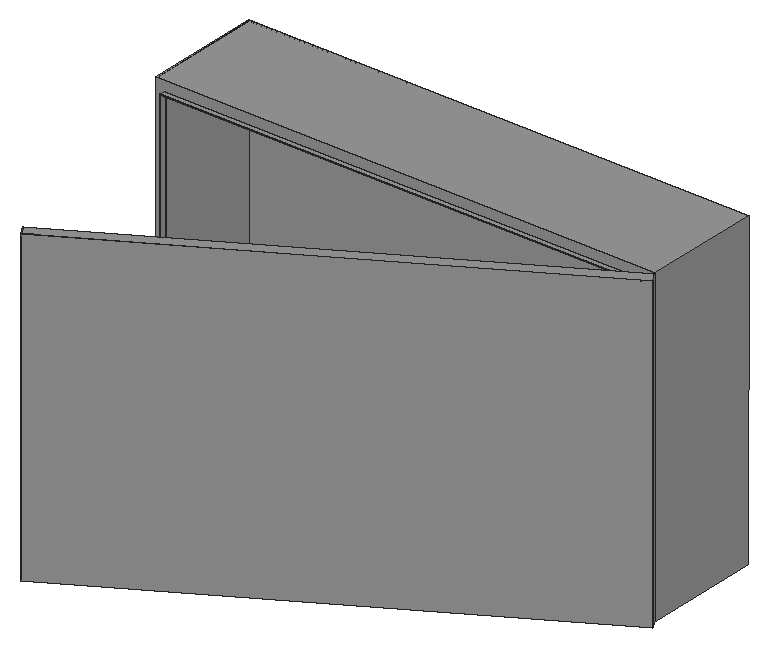
Revit family "Hager-Univers-IP44-D205-Cl.I-H500_Base-NoHosted-CH-fr", category Electrical Equipment, Revit 2020
Family settings
  Panel Configuration = Two Columns, Circuits Across
  Round Connector Dimension = Use Diameter
  Part Type = Panelboard
  Work Plane-Based = Yes
  Always vertical = Yes
  Cut with Voids When Loaded = No
  Shared = No
  Room Calculation Point = No
Parameters (values of type "saillie IP44 L800 H500 P205  - ZB013T")
  Width Control [instance] = if([EF000008 - largeur] > Min Width, [EF000008 - largeur], Min Width)  # 800 mm
  Type Comments = [HG000003 - Gamme]  # "Univers"
  Thickness Door [instance] = if([EF009171 - épaisseur de matériau de la porte/du couvercle] > 3 mm, 3 mm, [EF009171 - épaisseur de matériau de la porte/du couvercle])  # 1 mm
  Seal Frame Offset [instance] = 17 mm  # constant formula
  Plinth Visibility [instance] = [HG000027 - Hauteur du socle] > 0 mm  # no
  Min Width [instance] = 100 mm  # constant formula
  Min Depth [instance] = (2 * [EF009170 - épaisseur de matériau du boîtier]) + 1 mm  # 3 mm
  Min Height [instance] = 100 mm  # constant formula
  Internal Frame Depth [instance] = (Door System Depth * 0.5)  # 9 mm
  Panel Name [instance] = ""  # (empty or 0)
  Model = ""
  HG000027 - Hauteur du socle = 0 mm
  HG000026 - Installation au sol = no
  HG000024 - Hauteur de la section basse = 600 mm
  HG000023 - Armoire double section = no
  HG000016 - Visibilité de la porte 3D [instance] = yes
  HG000015 - Visibilité de l'emprise de la porte [instance] = no
  HG000014 - Porte à droite [instance] = yes
  HG000013 - Porte à gauche [instance] = not([HG000014 - Porte à droite])  # no
  HG000012 - Angle de pivotement de la porte [instance] = 30.00°
  HG000010 - Portes asymétriques = no
  HG000009 - Porte à double battant = no
  HG000006 - Encastré = no
  HG000004 - Référence fabricant = "ZB013T"
  HG000003 - Gamme = "Univers"
  HG000002 - avec porte = yes
  Frame Offset Bottom [instance] = 10 mm  # constant formula
  Frame Offset [instance] = 15 mm  # constant formula
  EF015940 - couvercle avec décharge de pression = no
  EF011959 - degré de protection (NEMA) = ""
  EF009554 - nombre d'ouvertures pour plaques à bride = 0
  EF009212 - finition du couvercle = "EV000116 - fermé"
  EF009171 - épaisseur de matériau de la porte/du couvercle = 1 mm
  EF009170 - épaisseur de matériau du boîtier = 1 mm
  EF008873 - courant nominal (In) = 250 A
  EF007800 - adapté à un parafoudre = no
  EF006306 - avec serrure = no
  EF006244 - couvercle/porte transparent(e) = no
  EF005474 - indice de protection (IP) = "EV006418 - IP44"
  EF004464 - type de porte = "EV003602 - double"
  EF004427 - nombre de modules = 0
  EF004293 - indice de protection contre les chocs (IK) = "EV006815 - IK09"
  EF003532 - convient pour utilisation à l’extérieur = no
  EF002950 - largeur en nombre de modules = 0
  EF001613 - maintien de fonction = "EV000494 - sans"
  EF001596 - matériau du boîtier/corps = "EV000179 - acier"
  EF001131 - profondeur intérieure = 0 mm
  EF001088 - possibilité de montage en saillie = yes
  EF000437 - nombre d'entrées de conduit = 0
  EF000339 - type de capot = "EV004216 - porte"
  EF000266 - nombre de rangées = 0
  EF000218 - profondeur d'encastrement = 0 mm
  EF000118 - avec cadre/support de montage = no
  EF000116 - numéro RAL = "9010"
  EF000049 - profondeur = 205 mm
  EF000040 - hauteur = 500 mm
  EF000008 - largeur = 800 mm
  EF000007 - couleur = "EV000202 - blanc"
  EF000003 - mode de pose = "EV000384 - saillie"
  Door System Leaf Tolerance [instance] = 1.5 mm  # constant formula
  Door System Depth [instance] = 18 mm  # constant formula
  Door Height [instance] = Height Control - [HG000027 - Hauteur du socle]  # 500 mm
  Description = ""
  Default Elevation = 1219.2 mm
  Connector Offset [instance] = Height Control / 2  # 250 mm
  Manufacturer = "Hager"  # constant formula
  Height Control [instance] = if([EF000040 - hauteur] > Min Height, [EF000040 - hauteur], Min Height)  # 500 mm
  Depth Control [instance] = if([EF000049 - profondeur] > Min Depth, [EF000049 - profondeur], Min Depth)  # 205 mm
  Bottom Top Plate Trim [instance] = 1.5 mm  # constant formula
  Plinth height Ctrl [instance] = if([HG000027 - Hauteur du socle] > 0 mm, [HG000027 - Hauteur du socle], 12 mm)  # 12 mm
Types (2, lengths in mm): name | Width Control | HG000004 - Référence fabricant | EF004464 - type de porte | EF000008 - largeur
  saillie IP44 L550 H500 P205  - ZB012T | 550 | "ZB012T" | "EV002646 - unique" | 550
  saillie IP44 L800 H500 P205  - ZB013T | 800 | "ZB013T" | "EV003602 - double" | 800
Reference planes
  plane 1 "Center (Front/Back)": y = 0
  plane 2: z = 0
  plane 3 "Center (Left/Right)": x = 0
  plane 4: y = 0
  plane 5: y = 0
  plane 6: z = 0
  plane 7: x = -400
  plane 8: x = 400
  plane 9: x = 399
  plane 10: x = -399
  plane 11: z = 0
  plane 12: z = 1
  plane 13: y = -205
  plane 14: y = -1
  plane 15: x = 0
  plane 16: y = -187
  plane 17: y = -204
  plane 18: y = -186
  plane 19: x = -384
  plane 20: x = 384
  plane 21: z = 11
  plane 22: x = -383
  plane 23: x = 383
  plane 24: z = 0
  plane 25: z = 500
  plane 26: z = 500
  plane 27: z = 484
  plane 28: z = 499
Forms (mm)
  Extrusion 1, solid, material "Hager_Steel_RAL7035_Light_Grey", detail levels medium+fine
    sketch origin (-208.679, -4572, 0) x (-1, 0, 0) y (0, -1, 0)
      loop
        line (191.321, -4385) -> (-608.679, -4385) -> (-608.679, -4572) -> (191.321, -4572) -> (191.321, -4385)
    from 0 to 500
  Extrusion 2, void
    sketch origin (-350.771, -205, 1219.2) x (1, 0, 0) y (0, 0, 1)
      loop
        line (-48.229, -720.2) -> (-48.229, -1218.2) -> (749.771, -1218.2) -> (749.771, -720.2) -> (-48.229, -720.2)
    from -19 to -204
  Extrusion 3, void
    sketch origin (-290.084, -187, 1219.2) x (1, 0, 0) y (0, 0, 1)
      loop
        line (-93.916, -1208.2) -> (674.084, -1208.2) -> (674.084, -735.2) -> (-93.916, -735.2) -> (-93.916, -1208.2)
    from 0 to -1
  Extrusion 4, solid, material "Hager_Steel_RAL7035_Light_Grey", visible <- "Plinth Visibility", detail levels medium+fine
    sketch origin (0, 0, 0) x (1, 0, 0) y (0, 1, 0)
      loop
        line (-400, 0) -> (-400, -187) -> (400, -187) -> (400, 0) -> (-400, 0)
    from 0 to 12 <- "Plinth height Ctrl"
  Extrusion 5, solid, material "Hager_Steel_RAL7035_Light_Grey", detail levels coarse
    sketch origin (0, 0, 0) x (1, 0, 0) y (0, 1, 0)
      loop
        line (-400, 0) -> (-400, -205) -> (400, -205) -> (400, 0) -> (-400, 0)
    from 0 to 500 <- "Height Control"
  Sweep 6, void
    path in 3D
      loop
        line (-400, -187, 12) -> (400, -187, 12) -> (400, 0, 12) -> (-400, 0, 12) -> (-400, -187, 12)
    profile origin (-400, -93.5, 12) x (1, 0, 0) y (0, 0, 1)
      loop
        line (0, 0) -> (0, -1.5) -> (1.5, -1.5)
        arc (1.5, -1.5) -> (1.061, -0.439) -> (0, 0) r 1.5
  Extrusion 7, solid, material "Hager_Steel_RAL7035_Light_Grey", detail levels fine
    sketch origin (-400, -187, 0) x (1, 0, 0) y (0, 0, 1)
      loop
        line (16, 11) -> (784, 11) -> (784, 484) -> (16, 484) -> (16, 11)
      loop
        line (15, 10) -> (785, 10) -> (785, 485) -> (15, 485) -> (15, 10)
    from 0 to 9 <- "Internal Frame Depth"
Cuts and joins
  Extrusion 2, Extrusion 3 cuts Extrusion 1
  Sweep 6 cuts Extrusion 4
Lines and regions (mm)
  Masking region 1
    outline origin (0, 0, 0) x (1, 0, 0) y (0, 1, 0)
      loop
        line (-400, 0) -> (-400, -205) -> (400, -205) -> (400, 0) -> (-400, 0)
  Masking region 2, detail levels coarse
    outline origin (-290.084, -187, 1219.2) x (-1, 0, 0) y (0, 0, 1)
      loop
        line (-690.084, -1219.2) -> (109.916, -1219.2) -> (109.916, -719.2) -> (-690.084, -719.2) -> (-690.084, -1219.2)
  Masking region 3, detail levels coarse
    outline origin (0, 0, 0) x (0, 1, 0) y (0, 0, 1)
      loop
        line (0, 0) -> (0, 500) -> (-205, 500) -> (-205, 0) -> (0, 0)
  Masking region 4, visible <- "Plinth Visibility", detail levels medium+fine
    outline origin (0, 0, 0) x (0, 1, 0) y (0, 0, 1)
      loop
        line (-1.5, 12) -> (-185.5, 12)
        arc (-185.5, 12) -> (-185.939, 10.939) -> (-187, 10.5) r 1.5
        line (-187, 10.5) -> (-187, 0) -> (0, 0) -> (0, 10.5)
        arc (0, 10.5) -> (-1.061, 10.939) -> (-1.5, 12) r 1.5
  Masking region 5, detail levels medium+fine
    outline origin (0, 0, 594.038) x (0, 1, 0) y (0, 0, 1)
      loop
        line (0, -594.038) -> (0, -94.038) -> (-187, -94.038) -> (-187, -594.038) -> (0, -594.038)
  Masking region 6, detail levels medium+fine
    outline origin (-359.7, -187, 1211.883) x (-1, 0, 0) y (0, 0, 1)
      loop
        line (-759.7, -1211.883) -> (40.3, -1211.883) -> (40.3, -711.883) -> (-759.7, -711.883) -> (-759.7, -1211.883)
  Masking region 7, visible <- "Plinth Visibility", detail levels medium+fine
    outline origin (-320.334, -187, 1041.368) x (-1, 0, 0) y (0, 0, 1)
      loop
        line (-720.334, -1041.368) -> (79.666, -1041.368) -> (79.666, -1030.868)
        arc (79.666, -1030.868) -> (78.606, -1030.429) -> (78.166, -1029.368) r 1.5
        line (78.166, -1029.368) -> (-718.834, -1029.368)
        arc (-718.834, -1029.368) -> (-719.273, -1030.429) -> (-720.334, -1030.868) r 1.5
        line (-720.334, -1030.868) -> (-720.334, -1041.368)
  sketch lines
    curve 1: line (-400, 0, 12) -> (-400, -187, 12)
    curve 2: line (-400, -187, 12) -> (400, -187, 12)
    curve 3: line (400, 0, 12) -> (-400, 0, 12)
    curve 4: line (400, -187, 12) -> (400, 0, 12)
Dimensions and locks
  locked: plane 1 "Center (Front/Back)" to plane 5
  "EF009170 - épaisseur de matériau du boîtier": plane 7 to plane 10
  "EF009170 - épaisseur de matériau du boîtier": plane 8 to plane 9
  equal spacing: plane 7, plane 3 "Center (Left/Right)", plane 8
  "Width Control": plane 7 to plane 8
  "Depth Control": plane 4 to plane 13
  "EF009170 - épaisseur de matériau du boîtier": plane 4 to plane 14
  "Height Control": plane 25 to level
  "HG000027 - Hauteur du socle": plane 11 to level
  "EF009170 - épaisseur de matériau du boîtier": plane 12 to plane 11
  "EF009170 - épaisseur de matériau du boîtier": plane 17 to plane 13
  "EF009170 - épaisseur de matériau du boîtier": plane 18 to plane 16
  "Frame Offset Bottom": plane 21 to plane 12
  "Frame Offset": plane 10 to plane 19
  "Frame Offset": plane 9 to plane 20
  "Door System Depth": plane 16 to plane 13
  "Seal Frame Offset": plane 7 to plane 22
  "Seal Frame Offset": plane 8 to plane 23
  "EF009170 - épaisseur de matériau du boîtier": plane 26 to plane 28
  "Frame Offset": plane 28 to plane 27
  "Connector Offset": plane 2 to connector elem
  "Bottom Top Plate Trim": profile plane to Sweep 6 sketch curve
  "Bottom Top Plate Trim": Sweep 6 sketch curve to Sweep 6 sketch curve
  "Plinth height Ctrl": Masking region 4 sketch curve to level
  "Plinth height Ctrl": Masking region 7 sketch curve to level
  "Thickness Door": Extrusion 7 sketch curve to Extrusion 7 sketch curve  (x4)
  "Bottom Top Plate Trim": radius of Sweep 6 sketch curve
  "Bottom Top Plate Trim": radius of Masking region 4 sketch curve  (x2)
  "Bottom Top Plate Trim": radius of Masking region 7 sketch curve  (x2)
  aligned and locked: Extrusion 2 sketch curve to plane 12
  aligned and locked: Extrusion 2 sketch curve to plane 9
  aligned and locked: Extrusion 2 sketch curve to plane 10
  aligned and locked: Extrusion 2 to plane 14
  aligned and locked: Extrusion 1 sketch curve to plane 4
  aligned and locked: plane 8 to Extrusion 1 sketch curve
  aligned and locked: plane 7 to Extrusion 1 sketch curve
  aligned and locked: Extrusion 2 to plane 18
  aligned and locked: plane 19 to Extrusion 3 sketch curve
  aligned and locked: plane 20 to Extrusion 3 sketch curve
  aligned and locked: Extrusion 3 to Extrusion 2
  aligned and locked: Extrusion 3 sketch curve to plane 21
  aligned and locked: plane 3 "Center (Left/Right)" to nested 1
  aligned and locked: Extrusion 1 sketch curve to plane 16
  aligned and locked: Extrusion 4 sketch curve to cut or joined group of Extrusion 1, Extrusion 2, Extrusion 3
  aligned and locked: Masking region 1 sketch curve to plane 7
  aligned and locked: Masking region 1 sketch curve to plane 5
  aligned and locked: Masking region 1 sketch curve to plane 8
  aligned and locked: Masking region 2 sketch curve to level
  aligned and locked: level to Masking region 3 sketch curve
  aligned and locked: plane 1 "Center (Front/Back)" to Masking region 3 sketch curve
  aligned and locked: plane 13 to Masking region 3 sketch curve
  aligned and locked: plane 5 to Masking region 4 sketch curve
  aligned and locked: Masking region 2 sketch curve to plane 8
  aligned and locked: Masking region 2 sketch curve to plane 7
  aligned and locked: plane 7 to nested 2
  aligned and locked: nested 2 to plane 5
  aligned and locked: plane 5 to Masking region 5 sketch curve
  aligned and locked: plane 26 to Masking region 5 sketch curve
  aligned and locked: Extrusion 5 sketch curve to plane 8
  aligned and locked: Extrusion 5 sketch curve to plane 7
  aligned and locked: Extrusion 5 sketch curve to plane 5
  aligned and locked: Extrusion 3 sketch curve to plane 27
  aligned and locked: Extrusion 2 sketch curve to plane 28
  aligned and locked: Masking region 2 to plane 25
  aligned and locked: Extrusion 4 to plane 16
  aligned and locked: profile plane to Sweep 6 sketch curve
  aligned and locked: Masking region 5 sketch curve to plane 24
  aligned and locked: level to Masking region 4 sketch curve
  aligned and locked: Masking region 1 to plane 13
  aligned and locked: nested 1 to plane 16
  aligned and locked: Masking region 3 to plane 25
  aligned and locked: plane 16 to Masking region 4 sketch curve
  aligned and locked: Masking region 5 sketch curve to plane 16
  aligned and locked: plane 24 to plane 11
  aligned and locked: plane 26 to plane 25
  aligned and locked: plane 26 to cut or joined group of Extrusion 1, Extrusion 2, Extrusion 3
  aligned and locked: nested 1 to plane 24
  aligned and locked: Extrusion 1 to Extrusion 3
  aligned and locked: Masking region 6 sketch curve to plane 8
  aligned and locked: Masking region 6 sketch curve to plane 24
  aligned and locked: Masking region 6 sketch curve to plane 7
  aligned and locked: Masking region 6 sketch curve to plane 26
  aligned and locked: Masking region 7 sketch curve to plane 7
  aligned and locked: level to Masking region 7 sketch curve
  aligned and locked: Masking region 7 sketch curve to plane 8
  aligned and locked: Extrusion 7 sketch curve to cut or joined group of Extrusion 1, Extrusion 2, Extrusion 3  (x4)
Automatic sketch dimensions
  plane 19 to Extrusion 3 sketch curve = 0 mm
  Extrusion 3 sketch curve to plane 20 = 0 mm
  Extrusion 3 sketch curve to plane 21 = 0 mm
  Extrusion 4 sketch curve to plane 7 = 0 mm
  Extrusion 4 sketch curve to plane 8 = 0 mm
  Extrusion 4 sketch curve to plane 16 = 0 mm
  Masking region 1 sketch curve to plane 13 = 0 mm
  Masking region 2 sketch curve to plane 25 = 0 mm
  Masking region 3 sketch curve to plane 25 = 0 mm
  Extrusion 5 sketch curve to plane 13 = 0 mm
  profile plane to Sweep 6 sketch curve = 0 mm
Nested families
  nested 1: "EC000058_Univers_Door" at (0, -187, 0), Double <- "HG000009 - Porte à double battant", Transparent <- "EF006244 - couvercle/porte transparent(e)", Angle <- "HG000012 - Angle de pivotement de la porte", Door_Right <- "HG000014 - Porte à droite", Assymetrical <- "HG000010 - Portes asymétriques", Door <- "HG000002 - avec porte", Width_Ctrl <- "Width Control", 3d_Door <- "HG000016 - Visibilité de la porte 3D", Clearance <- "HG000015 - Visibilité de l'emprise de la porte", Door_Left <- "HG000013 - Porte à gauche", Width <- "Width Control", Door_Depth <- "Door System Depth", Leaf_Tolerance <- "Door System Leaf Tolerance", Height <- "Door Height", Lock_Visibility <- "EF006306 - avec serrure", Thickness <- "Thickness Door", type "EC000058_Univers_Door", detail levels medium+fine
    with min_wh 3 mm, Width_Ctrl 800 mm, Width 800 mm, Transparent no, Thickness 1 mm, Seal_Material Hager_Rubber, Lock_Visibility no, Lock_Material Hager_Plastic_RAL9005_Jet_Black, Leaf_Width 800 mm, Leaf_Tolerance_External_Sides 0 mm, Leaf_Tolerance 1.5 mm, Leaf_Offset 0 mm, Leaf_Height 497 mm, Leaf_2_Width 800 mm, Leaf_2_Offset 400 mm, Leaf_1_Width 800 mm, Leaf_1_Offset 400 mm, Height_Ctrl 500 mm, Height 500 mm, Glass_Material Hager_Glass, Double_Clearance_Ctrl no, Double no, Door_Right_Ctrl yes, Door_Right yes, Door_Material Hager_Steel_RAL7035_Light_Grey, Door_Left_Ctrl no, Door_Left no, Door_Depth 18 mm, Door yes, Clearance_Material Hager_Clearance, Clearance_Depth 800 mm, Clearance_Ctrl no, Clearance no, Assymetrical no, Angle 30.00°, 3d_Door yes
  nested 2: "Hager_Enclosure_Symbol" at (-400, 0, 0), Height <- "Depth Control", Width <- "Width Control", type "Hager_Enclosure_Symbol"
    with Width_Ctrl 800 mm, Width 800 mm, Height_Ctrl 205 mm, Height 205 mm, A_Width_Int 13.453 mm, A_Width 161.438 mm, A_Height_Ctrl 179.375 mm, A_Height 179.375 mm
Connectors
  electrical at (0, 0, 250)
    settings: on plane 1 "Center (Front/Back)", index 1, voltage 0 V, apparent load 0 VA, apparent load phase1 0 VA, apparent load phase2 0 VA, apparent load phase3 0 VA, power factor 1, load classification "Other", number of poles 1, system type 30, power factor state 1, is connector primary yes, connector utility no, sub classification motor no, connector description ""
Definition of nested family "EC000058_Univers_Door"
  Parameters (values of type "EC000058_Univers_Door")
    min_wh [instance] = (2 * Thickness) + 1 mm  # 11 mm
    Width_Ctrl [instance] = 400 mm
    Width [instance] = 500 mm
    Transparent [instance] = yes
    Thickness [instance] = 5 mm
    Seal_Material [instance] = none
    Lock_Visibility [instance] = yes
    Lock_Material [instance] = none
    Leaf_Width [instance] = if((Width_Ctrl - 2 * Leaf_Tolerance_External_Sides) > 0 mm, (Width_Ctrl - 2 * Leaf_Tolerance_External_Sides), min_wh)  # 400 mm
    Leaf_Tolerance_External_Sides [instance] = 0 mm  # constant formula
    Leaf_Tolerance [instance] = 1.5 mm
    Leaf_Offset [instance] = 0 mm  # constant formula
    Leaf_Height [instance] = if((Height_Ctrl - 2 * Leaf_Tolerance) > 0 mm, (Height_Ctrl - 2 * Leaf_Tolerance), min_wh)  # 497 mm
    Leaf_2_Width [instance] = if(and(and(Double, Assymetrical), Door_Left), (Leaf_Width / 3) - (Leaf_Tolerance / 2), if(and(and(Double, Assymetrical), Door_Right), (Leaf_Width / 3) * 2 - (Leaf_Tolerance / 2), if(and(Double, not(Assymetrical)), (Leaf_Width / 2) - Leaf_Tolerance, Leaf_Width)))  # 400 mm
    Leaf_2_Offset [instance] = if(and(Double, Assymetrical), Leaf_2_Width / 2, if(and(Double, not(Assymetrical)), Leaf_Width / 4, Leaf_Width / 2))  # 200 mm
    Leaf_1_Width [instance] = if(and(and(Double, Assymetrical), Door_Right), (Leaf_Width / 3) - (Leaf_Tolerance / 2), if(and(and(Double, Assymetrical), Door_Left), (Width / 3) * 2 - (Leaf_Tolerance / 2), if(and(Double, not(Assymetrical)), (Leaf_Width / 2) - Leaf_Tolerance, Leaf_Width)))  # 400 mm
    Leaf_1_Offset [instance] = if(and(Double, Assymetrical), Leaf_1_Width / 2, if(and(Double, not(Assymetrical)), Leaf_Width / 4, Leaf_Width / 2))  # 200 mm
    Height_Ctrl [instance] = if(Height > min_wh, Height, min_wh)  # 500 mm
    Height [instance] = 500 mm
    Glass_Material [instance] = none
    Double_Clearance_Ctrl [instance] = and(Double, Clearance)  # no
    Double [instance] = no
    Door_Right_Ctrl [instance] = and(or(Door_Right, Double), Door)  # yes
    Door_Right [instance] = yes
    Door_Material [instance] = none
    Door_Left_Ctrl [instance] = and(or(Door_Left, Double), Door)  # no
    Door_Left [instance] = no
    Door_Depth [instance] = 30 mm
    Door [instance] = yes
    Default Elevation = 1219.2 mm
    Clearance_Material [instance] = none
    Clearance_Depth [instance] = if(Leaf_1_Width > Leaf_2_Width, Leaf_1_Width, Leaf_2_Width)  # 400 mm
    Clearance_Ctrl [instance] = and(not(Double), Clearance)  # yes
    Clearance [instance] = yes
    Assymetrical [instance] = yes
    Angle [instance] = 30.00°
    3d_Door [instance] = yes
  Reference planes
    plane 1 "Center (Front/Back)": y = 0
    plane 2 "Bottom": z = 0
    plane 3 "Center (Left/Right)": x = 0
    plane 4: z = 500
    plane 5: x = -200
    plane 6: x = 200
    plane 7: z = 500
    plane 8: x = -200
    plane 9: z = 0
    plane 10: x = 200
    plane 11: y = 0
    plane 12: z = 1.5
    plane 13: x = -600
    plane 14: y = -400
    plane 15: x = 600
    plane 16: x = 0
    plane 17: x = 0
    plane 18: x = -200
    plane 19: x = 200
    plane 20: z = 498.5
  Forms (mm)
    Extrusion 1, solid, material <- "Clearance_Material", visible <- "Double_Clearance_Ctrl"
      sketch origin (1200, 0, 0) x (1, 0, 0) y (0, 0, -1)
        loop
          line (-1800, -498.5) -> (-600, -498.5) -> (-600, 0) -> (-1800, 0) -> (-1800, -498.5)
      from 0 to -400
  Dimensions and locks
    equal spacing: plane 5, plane 3 "Center (Left/Right)", plane 6
    "Width_Ctrl": plane 5 to plane 6
    "Leaf_Offset": plane 5 to plane 8
    "Leaf_Offset": plane 6 to plane 10
    "Leaf_Offset": plane 9 to level
    "Leaf_Offset": plane 4 to plane 7
    "Height_Ctrl": plane 4 to level
    "Leaf_Tolerance": plane 12 to plane 9
    locked: plane 11 to plane 1 "Center (Front/Back)"
    "Leaf_1_Offset": plane 18 to plane 16
    "Leaf_2_Offset": plane 17 to plane 19
    "Leaf_1_Width": plane 13 to plane 8
    "Leaf_2_Width": plane 10 to plane 15
    "Clearance_Depth": plane 14 to plane 1 "Center (Front/Back)"
    "Leaf_Tolerance_External_Sides": plane 8 to plane 18
    "Leaf_Tolerance_External_Sides": plane 19 to plane 10
    "Leaf_Tolerance": plane 7 to plane 20
    aligned and locked: level to plane 2 "Bottom"
    aligned and locked: nested 1 to plane 16
    aligned and locked: nested 2 to plane 17
    aligned and locked: Extrusion 1 to plane 13
    aligned and locked: plane 15 to Extrusion 1
    aligned and locked: Extrusion 1 to plane 14
    aligned and locked: plane 12 to nested 1
    aligned and locked: nested 2 to plane 12
    aligned and locked: Extrusion 1 to plane 11
    aligned and locked: plane 20 to Extrusion 1
    aligned and locked: nested 2 to plane 11
    aligned and locked: nested 1 to plane 11
  Automatic sketch dimensions
    Extrusion 1 sketch curve to level = 0 mm
    plane 5 to Extrusion 1 sketch curve = 400 mm
    plane 6 to Extrusion 1 sketch curve = 400 mm
    Extrusion 1 sketch curve to plane 4 = 1.5 mm
  Nested families
    nested 1: "EC000058_Univers_Door_Leaf" at (0, 0, 1.5), Width <- "Leaf_1_Width", visible <- "Door_Left_Ctrl", Leaf_Height <- "Leaf_Height", Angle <- "Angle", 3d_Door <- "3d_Door", Transparent <- "Transparent", Clearance Material <- "Clearance_Material", Clearance <- "Clearance_Ctrl", Door_Material <- "Door_Material", Glass_Material <- "Glass_Material", Door_Depth <- "Door_Depth", Lock_Material <- "Lock_Material", Seal_Material <- "Seal_Material", Lock_Visibility <- "Lock_Visibility", Thickness <- "Thickness", type "EC000058_Univers_Door_Leaf"
      with Width 400 mm, Transparent_Glass_Offset 30 mm, Transparent_Ctrl yes, Transparent yes, Thickness 5 mm, Standard no, Seal_Material none, Seal_D2 8 mm, Seal_D1 1 mm, Offset_Internal_Frame 10 mm, Lock_Width 20 mm, Lock_Visibility_3d yes, Lock_Visibility yes, Lock_Thickness_3 3 mm, Lock_Thickness_2 1 mm, Lock_Thickness_1 3 mm, Lock_Radius_Offset_2 16 mm, Lock_Radius_Offset_1 15 mm, Lock_Radius_2 5 mm, Lock_Radius 6 mm, Lock_Offset 5 mm, Lock_Material none, Lock_Height 80 mm, Lock_Cover_Top_Offset_2d 17 mm, Lock_Cover_Height -65 mm, Leaf_Height 497 mm, Internal_Seal_Thickness 8 mm, Internal_Seal_Depth_2 4.5 mm, Internal_Frame_Depth 25 mm, Glass_Thickness -1 mm, Glass_Offset -2 mm, Glass_Material none, Door_Material none, Door_Depth 30 mm, Clearance Material none, Clearance yes, Angle_Ctrl 30.00°, Angle 30.00°, 3d_Door yes
    nested 2: "EC000058_Univers_Door_Leaf" at (0, 0, 1.5) x (-1, 0, 0) z (0, 0, 1), Width <- "Leaf_2_Width", visible <- "Door_Right_Ctrl", Leaf_Height <- "Leaf_Height", Angle <- "Angle", 3d_Door <- "3d_Door", Transparent <- "Transparent", Clearance Material <- "Clearance_Material", Clearance <- "Clearance_Ctrl", Door_Material <- "Door_Material", Glass_Material <- "Glass_Material", Door_Depth <- "Door_Depth", Lock_Material <- "Lock_Material", Seal_Material <- "Seal_Material", Lock_Visibility <- "Lock_Visibility", Thickness <- "Thickness", type "EC000058_Univers_Door_Leaf"
      with Width 400 mm, Transparent_Glass_Offset 30 mm, Transparent_Ctrl yes, Transparent yes, Thickness 5 mm, Standard no, Seal_Material none, Seal_D2 8 mm, Seal_D1 1 mm, Offset_Internal_Frame 10 mm, Lock_Width 20 mm, Lock_Visibility_3d yes, Lock_Visibility yes, Lock_Thickness_3 3 mm, Lock_Thickness_2 1 mm, Lock_Thickness_1 3 mm, Lock_Radius_Offset_2 16 mm, Lock_Radius_Offset_1 15 mm, Lock_Radius_2 5 mm, Lock_Radius 6 mm, Lock_Offset 5 mm, Lock_Material none, Lock_Height 80 mm, Lock_Cover_Top_Offset_2d 17 mm, Lock_Cover_Height -65 mm, Leaf_Height 497 mm, Internal_Seal_Thickness 8 mm, Internal_Seal_Depth_2 4.5 mm, Internal_Frame_Depth 25 mm, Glass_Thickness -1 mm, Glass_Offset -2 mm, Glass_Material none, Door_Material none, Door_Depth 30 mm, Clearance Material none, Clearance yes, Angle_Ctrl 30.00°, Angle 30.00°, 3d_Door yes
  Definition of nested family "EC000058_Univers_Door_Leaf"
    Parameters (values of type "EC000058_Univers_Door_Leaf")
      Width [instance] = 2000 mm
      Transparent_Glass_Offset [instance] = 30 mm
      Transparent_Ctrl [instance] = and(Transparent, [3d_Door])  # yes
      Transparent [instance] = yes
      Thickness [instance] = 5 mm
      Standard [instance] = and(not(Transparent), [3d_Door])  # no
      Seal_Material [instance] = none
      Seal_D2 [instance] = 8 mm  # constant formula
      Seal_D1 [instance] = 1 mm  # constant formula
      Offset_Internal_Frame [instance] = 10 mm  # constant formula
      Lock_Width [instance] = 20 mm  # constant formula
      Lock_Visibility_3d [instance] = and(Lock_Visibility, [3d_Door])  # yes
      Lock_Visibility [instance] = yes
      Lock_Thickness_3 [instance] = 3 mm  # constant formula
      Lock_Thickness_2 [instance] = 1 mm  # constant formula
      Lock_Thickness_1 [instance] = 3 mm  # constant formula
      Lock_Radius_Offset_2 [instance] = Lock_Radius_Offset_1 + 1 mm  # 16 mm
      Lock_Radius_Offset_1 [instance] = 15 mm  # constant formula
      Lock_Radius_2 [instance] = Lock_Radius - 1 mm  # 5 mm
      Lock_Radius [instance] = 6 mm  # constant formula
      Lock_Offset [instance] = 5 mm  # constant formula
      Lock_Material [instance] = none
      Lock_Height [instance] = 80 mm  # constant formula
      Lock_Cover_Top_Offset_2d [instance] = Lock_Radius_Offset_2 + 1 mm  # 17 mm
      Lock_Cover_Height [instance] = -(Lock_Height - Lock_Radius_Offset_1)  # -65 mm
      Leaf_Height [instance] = 2720.336 mm
      Internal_Seal_Thickness [instance] = 8 mm  # constant formula
      Internal_Seal_Depth_2 [instance] = 4.5 mm  # constant formula
      Internal_Frame_Depth [instance] = if(Door_Depth - Thickness > 5 mm, Door_Depth - Thickness, 5 mm)  # 25 mm
      Glass_Thickness [instance] = if(Thickness > 15 mm, Glass_Offset + 10 mm, -1 mm)  # -1 mm
      Glass_Offset [instance] = if(Thickness > 15 mm, -(Thickness + 10 mm) / 2, -2 mm)  # -2 mm
      Glass_Material [instance] = none
      Door_Material [instance] = none
      Door_Depth [instance] = 30 mm
      Default Elevation = 0 mm
      Clearance Material [instance] = none
      Clearance [instance] = yes
      Angle_Ctrl [instance] = if(Angle > 180.00°, 180.00°, Angle)  # 90.00°
      Angle [instance] = 90.00°
      3d_Door [instance] = yes
    Reference planes
      plane 1 "Center (Front/Back)": y = 0
      plane 2: z = 0
      plane 3 "Center (Left/Right)": x = 0
      plane 4: y = 2000
      plane 5: x = -1000
      plane 6: x = 1000
      plane 7: x = -3000
      plane 8: z = 2720.336
      plane 9: z = 30
      plane 10: z = 2690.336
      plane 11: x = 970
      plane 12: x = -970
      plane 13: y = -3
      plane 14: z = 107.833
      plane 15: y = -5
      plane 16: y = -223.314
      plane 17: x = -1000
      plane 18: z = 1360.168
      plane 19: y = 30
    Forms (mm)
      Extrusion 1, solid, material <- "Clearance Material", visible <- "Clearance"
        sketch origin (0, 0, 0) x (1, 0, 0) y (0, 0, 1)
          loop
            line (-3000, 2720.336) -> (-3000, 0) -> (1000, 0) -> (1000, 2720.336) -> (-3000, 2720.336)
        from 0 to -2000
      Extrusion 2, solid, material <- "Door_Material", visible <- "Standard", detail levels medium+fine
        sketch origin (-1000, 0, 0) x (0, 1, 0) y (-1, 0, 0)
          loop
            line (0, 30) -> (0, 25) -> (2000, 25) -> (2000, 30) -> (0, 30)
        from 0 to 2720.336 <- "Leaf_Height"
      Extrusion 3, solid, material <- "Door_Material", visible <- "Transparent_Ctrl", detail levels medium+fine
        sketch origin (-1000, 0, 0) x (0, 1, 0) y (-1, 0, 0)
          loop
            line (0, 25) -> (2000, 25) -> (2000, 30) -> (0, 30) -> (0, 25)
        from 0 to 2720.336 <- "Leaf_Height"
      Extrusion 4, void
        sketch origin (-1025, 2000, 0) x (0, 1, 0) y (0, 0, -1)
          loop
            line (-30, -2690.336) -> (-30, -30) -> (-1970, -30) -> (-1970, -2690.336) -> (-30, -2690.336)
        from 0 to 5 <- "Thickness"
      Sweep 5, solid, material <- "Seal_Material", visible <- "Transparent_Ctrl", detail levels fine
        path in 3D
          loop
            line (-1025, 30, 30) -> (-1025, 30, 2690.336) -> (-1025, 1970, 2690.336) -> (-1025, 1970, 30) -> (-1025, 30, 30)
        profile origin (-1025, 1000, 30) x (1, 0, 0) y (0, 0, 1)
          loop
            line (0, 0) -> (0, -8) -> (1, -8) -> (1, 0) -> (0, 0)
      Extrusion 6, solid, material <- "Glass_Material", visible <- "Transparent_Ctrl", detail levels medium+fine
        sketch origin (-1030, 0, 0) x (0, 1, 0) y (0, 0, -1)
          loop
            line (1970, -2690.336) -> (1970, -30) -> (30, -30) -> (30, -2690.336) -> (1970, -2690.336)
        from -2 <- "Glass_Offset" to -1 <- "Glass_Thickness"
      Extrusion 7, solid, material <- "Door_Material", visible <- "3d_Door", detail levels medium+fine
        sketch origin (-1025, 2000, 0) x (0, -1, 0) y (0, 0, -1)
          loop
            line (0, -2720.336) -> (2000, -2720.336) -> (2000, 0) -> (0, 0) -> (0, -2720.336)
          loop
            line (1995, -5) -> (5, -5) -> (5, -2715.336) -> (1995, -2715.336) -> (1995, -5)
        from 0 to 25 <- "Internal_Frame_Depth"
      Sweep 8, solid, material <- "Seal_Material", visible <- "Transparent_Ctrl", detail levels fine
        path in 3D
          loop
            line (-1025, 0, 0) -> (-1025, 2000, 0) -> (-1025, 2000, 2720.336) -> (-1025, 0, 2720.336) -> (-1025, 0, 0)
        profile origin (-1025, 0, 1360.168) x (1, 0, 0) y (0, 1, 0)
          loop
            line (0, 10) -> (2.975, 10)
            arc (2.975, 10) -> (4.053, 10.447) -> (4.5, 11.525) r 1.525
            line (4.5, 11.525) -> (4.5, 16.527)
            arc (4.5, 16.527) -> (4.069, 17.569) -> (3.027, 18) r 1.473
            line (3.027, 18) -> (0, 18) -> (0, 10)
      Extrusion 9, solid, material <- "Lock_Material", visible <- "Lock_Visibility_3d", detail levels fine
        sketch origin (-1030, 0, 0) x (0, 1, 0) y (0, 0, -1)
          loop
            arc (1993.5, -1400.168) -> (1994.561, -1399.729) -> (1995, -1398.668) r 1.5
            line (1995, -1398.668) -> (1995, -1320.168) -> (1975, -1320.168) -> (1975, -1398.668)
            arc (1975, -1398.668) -> (1975.439, -1399.729) -> (1976.5, -1400.168) r 1.5
            line (1976.5, -1400.168) -> (1993.5, -1400.168)
        from 3 <- "Lock_Thickness_1" to 0
      Blend 10, solid, material <- "Lock_Material", visible <- "Lock_Visibility_3d", detail levels fine
        base sketch origin (-1033, 0, 0) x (0, 1, 0) y (0, 0, -1)
          loop
            line (1975, -1320.168) -> (1975, -1398.668)
            arc (1975, -1398.668) -> (1975.439, -1399.729) -> (1976.5, -1400.168) r 1.5
            line (1976.5, -1400.168) -> (1993.5, -1400.168)
            arc (1993.5, -1400.168) -> (1994.561, -1399.729) -> (1995, -1398.668) r 1.5
            line (1995, -1398.668) -> (1995, -1320.168) -> (1975, -1320.168)
        top sketch origin (-1033, 0, 0) x (0, 1, 0) y (0, 0, -1)
          loop
            line (1976, -1320.168) -> (1976, -1398.668)
            arc (1976, -1398.668) -> (1976.146, -1399.022) -> (1976.5, -1399.168) r 0.5
            line (1976.5, -1399.168) -> (1993.5, -1399.168)
            arc (1993.5, -1399.168) -> (1993.854, -1399.022) -> (1994, -1398.668) r 0.5
            line (1994, -1398.668) -> (1994, -1320.168) -> (1976, -1320.168)
        from 0 to 1 <- "Lock_Thickness_2"
      Blend 11, solid, material <- "Lock_Material", visible <- "Lock_Visibility_3d", detail levels fine
        base sketch origin (-1034, 0, 0) x (0, 1, 0) y (0, 0, -1)
          loop
            line (1978, -1320.168) -> (1978, -1384.168)
            arc (1978, -1384.168) -> (1985, -1391.168) -> (1992, -1384.168) r 7
            line (1992, -1384.168) -> (1992, -1320.168) -> (1978, -1320.168)
        top sketch origin (-1034, 0, 0) x (0, 1, 0) y (0, 0, -1)
          loop
            line (1991, -1320.168) -> (1979, -1320.168) -> (1979, -1383.168)
            arc (1979, -1383.168) -> (1985, -1389.168) -> (1991, -1383.168) r 6
            line (1991, -1383.168) -> (1991, -1320.168)
        from 0 to 3 <- "Lock_Thickness_3"
      Extrusion 12, solid, material <- "Lock_Material", visible <- "Lock_Visibility_3d", detail levels fine
        sketch origin (-1030, 1975, 1320.168) x (1, 0, 0) y (0, -1, 0)
          loop
            line (-7, -19) -> (-7, -1) -> (0, -1) -> (0, 0) -> (-8, 0) -> (-8, -20) -> (0, -20) -> (0, -19) -> (-7, -19)
        from 0 to -65 <- "Lock_Cover_Height"
      Extrusion 13, void
        sketch origin (-1038, 1995, 1320.168) x (-1, 0, 0) y (0, 0, -1)
          loop
            line (-5, -65) -> (0, -65) -> (-5, -60) -> (-5, -65)
        from 0 to 20 <- "Lock_Width"
      Extrusion 14, void
        sketch origin (-1038, 1975, 1320.168) x (0, -1, 0) y (0, 0, -1)
          loop
            circle (-10, -15.995) r 6
          loop
            circle (-10, -15.995) r 5
        from 0 to 2
      Extrusion 15, solid, material <- "Lock_Material", visible <- "Lock_Visibility_3d", detail levels medium
        sketch origin (-1030, 0, 0) x (0, 1, 0) y (0, 0, -1)
          loop
            arc (1993.5, -1400.168) -> (1994.561, -1399.729) -> (1995, -1398.668) r 1.5
            line (1995, -1398.668) -> (1995, -1320.168) -> (1975, -1320.168) -> (1975, -1398.668)
            arc (1975, -1398.668) -> (1975.439, -1399.729) -> (1976.5, -1400.168) r 1.5
            line (1976.5, -1400.168) -> (1993.5, -1400.168)
        from 8 to 0
    Cuts and joins
      Extrusion 4 cuts Extrusion 3
      Extrusion 13, Extrusion 14 cuts Extrusion 9
      Extrusion 14 cuts Blend 11
      Extrusion 13, Extrusion 14 cuts Extrusion 12
      joined: Extrusion 9, Blend 10, Blend 11, Extrusion 12
      Extrusion 14 cuts Extrusion 15
    Lines and regions (mm)
      Masking region 1, visible <- "Lock_Visibility", detail levels fine
        outline origin (0, 0, 0) x (0, 1, 0) y (0, 0, 1)
          loop
            line (30, 1320.168) -> (33, 1320.168) -> (33, 1400.168) -> (30, 1400.168) -> (30, 1320.168)
      Masking region 2, visible <- "Lock_Visibility", detail levels fine
        outline origin (0, 3.143, 0) x (0, 1, 0) y (0, 0, 1)
          loop
            line (29.857, 1354.168) -> (30.857, 1354.168) -> (30.857, 1366.168) -> (29.857, 1366.168) -> (29.857, 1354.168)
      Masking region 3, detail levels medium+fine
        outline origin (0, 0, 0) x (0, 1, 0) y (0, 0, 1)
          loop
            line (0, 0) -> (30, 0) -> (30, 2720.336) -> (0, 2720.336) -> (0, 0)
      Masking region 4, detail levels medium+fine
        outline origin (0, 0, 0) x (1, 0, 0) y (0, 0, 1)
          loop
            line (-1000, 2720.336) -> (-1000, 0) -> (1000, 0) -> (1000, 2720.336) -> (-1000, 2720.336)
      Masking region 5, visible <- "Lock_Visibility", detail levels fine
        outline origin (-47.116, 0, 0) x (1, 0, 0) y (0, 0, 1)
          loop
            arc (1024.616, 1399.168) -> (1023.556, 1398.729) -> (1023.116, 1397.668) r 1.5
            line (1023.116, 1397.668) -> (1023.116, 1320.168) -> (1041.116, 1320.168) -> (1041.116, 1397.668)
            arc (1041.116, 1397.668) -> (1040.677, 1398.729) -> (1039.616, 1399.168) r 1.5
            line (1039.616, 1399.168) -> (1024.616, 1399.168)
      Masking region 6, visible <- "Lock_Visibility", detail levels medium+fine
        outline origin (-25, 0, 0) x (1, 0, 0) y (0, 0, 1)
          loop
            arc (1001.5, 1400.168) -> (1000.439, 1399.729) -> (1000, 1398.668) r 1.5
            line (1000, 1398.668) -> (1000, 1320.168) -> (1020, 1320.168) -> (1020, 1398.668)
            arc (1020, 1398.668) -> (1019.561, 1399.729) -> (1018.5, 1400.168) r 1.5
            line (1018.5, 1400.168) -> (1001.5, 1400.168)
      Masking region 7, visible <- "Lock_Visibility", detail levels fine
        outline origin (-73.735, 0, 0) x (1, 0, 0) y (0, 0, 1)
          loop
            line (1051.735, 1382.168) -> (1065.735, 1382.168) -> (1065.735, 1384.168)
            arc (1065.735, 1384.168) -> (1058.735, 1391.168) -> (1051.735, 1384.168) r 7
            line (1051.735, 1384.168) -> (1051.735, 1382.168)
      Masking region 8, visible <- "Lock_Visibility", detail levels fine
        outline origin (-73.735, 0, 0) x (1, 0, 0) y (0, 0, 1)
          loop
            line (1052.735, 1382.168) -> (1064.735, 1382.168) -> (1064.735, 1383.168)
            arc (1064.735, 1383.168) -> (1058.735, 1389.168) -> (1052.735, 1383.168) r 6
            line (1052.735, 1383.168) -> (1052.735, 1382.168)
      Masking region 9, visible <- "Lock_Visibility", detail levels fine
        outline origin (-25, 0, 0) x (1, 0, 0) y (0, 0, 1)
          loop
            line (1020, 1320.168) -> (1020, 1382.168) -> (1000, 1382.168) -> (1000, 1320.168) -> (1020, 1320.168)
      Masking region 10, detail levels medium+fine
        outline origin (0, 0, 0) x (1, 0, 0) y (0, 0, 1)
          loop
            circle (985, 1335.144) r 6
      Masking region 11, detail levels fine
        outline origin (0, 0, 0) x (1, 0, 0) y (0, 0, 1)
          loop
            circle (985, 1335.144) r 5
      Masking region 12, visible <- "Lock_Visibility", detail levels fine
        outline origin (0, 12.767, 0) x (0, 1, 0) y (0, 0, 1)
          loop
            line (20.233, 1320.168) -> (21.233, 1320.168) -> (21.233, 1399.168) -> (20.233, 1400.168) -> (20.233, 1320.168)
      Masking region 13, visible <- "Lock_Visibility", detail levels fine
        outline origin (0, 13.767, -10) x (0, 1, 0) y (0, 0, 1)
          loop
            line (20.233, 1330.168) -> (23.233, 1330.168) -> (23.233, 1399.168) -> (20.233, 1402.168) -> (20.233, 1330.168)
      Masking region 14, visible <- "Lock_Visibility", detail levels fine
        outline origin (0, 12.767, -10) x (0, 1, 0) y (0, 0, 1)
          loop
            line (20.233, 1330.168) -> (25.233, 1330.168) -> (25.233, 1399.305) -> (20.233, 1394.305) -> (20.233, 1330.168)
      Masking region 15, visible <- "Lock_Visibility", detail levels medium
        outline origin (0, 0, 0) x (0, 1, 0) y (0, 0, 1)
          loop
            line (30, 1320.168) -> (38, 1320.168) -> (38, 1400.168) -> (30, 1400.168) -> (30, 1320.168)
      Masking region 16, visible <- "Lock_Visibility", detail levels fine
        outline origin (-1000, 0, 0) x (0, 1, 0) y (-1, 0, 0)
          loop
            line (1975, 30) -> (1995, 30) -> (1995, 38) -> (1975, 38) -> (1975, 30)
          loop
            line (1979, 37) -> (1976, 37) -> (1976, 34) -> (1978, 34) -> (1979, 37)
          loop
            line (1994, 37) -> (1991, 37) -> (1992, 34) -> (1994, 34) -> (1994, 37)
      Masking region 17, visible <- "Lock_Visibility", detail levels medium
        outline origin (-1000, 0, 0) x (0, 1, 0) y (-1, 0, 0)
          loop
            line (1975, 30) -> (1995, 30) -> (1995, 38) -> (1975, 38) -> (1975, 30)
      symbolic lines
        curve 1: line (1000, 0, 0) -> (-3000, 0, 0)
        curve 2: arc (1000, 0, 0) -> (-1000, 2000, 0) -> (-3000, 0, 0) r 2000
        curve 4: line (-1030, 0, 0) -> (-1030, 2000, 0)
      reference lines
        curve 3: line (-1000, 0, 0) -> (-1000, 2000, 0)
      symbolic lines, detail levels medium+fine
        curve 5: line (-1030, 2000, 0) -> (-1025, 2000, 0)
        curve 7: line (-1025, 0, 0) -> (-1030, 0, 0)
        curve 8: line (-1025, 0, 0) -> (-1000, 0, 0)
        curve 9: line (-1000, 0, 0) -> (-1000, 2000, 0)
        curve 10: line (-1000, 2000, 0) -> (-1025, 2000, 0)
      symbolic lines, detail levels fine
        curve 6: line (-1025, 2000, 0) -> (-1025, 0, 0)
      sketch lines
        curve 11: line (-1025, 0, 2720.336) -> (-1025, 0, 0)
        curve 12: line (-1025, 2000, 0) -> (-1025, 0, 0)
        curve 13: line (-1025, 2000, 2720.336) -> (-1025, 2000, 0)
        curve 14: line (-1025, 0, 2720.336) -> (-1025, 2000, 2720.336)
        curve 15: line (-1025, 1970, 30) -> (-1025, 30, 30)
        curve 16: line (-1025, 30, 30) -> (-1025, 30, 2690.336)
        curve 17: line (-1025, 1970, 2690.336) -> (-1025, 1970, 30)
        curve 18: line (-1025, 30, 2690.336) -> (-1025, 1970, 2690.336)
      symbolic lines, visible <- "Transparent", detail levels medium+fine
        curve 19: line (-970, 0, 2690.336) -> (970, 0, 2690.336)
        curve 20: line (-970, 0, 30) -> (-970, 0, 2690.336)
        curve 21: line (970, 0, 30) -> (-970, 0, 30)
        curve 22: line (970, 0, 2690.336) -> (970, 0, 30)
    Dimensions and locks
      "Width": plane 1 "Center (Front/Back)" to plane 4
      equal spacing: plane 5, plane 3 "Center (Left/Right)", plane 6
      "Width": plane 5 to plane 6
      "Width": plane 7 to plane 5
      "Leaf_Height": plane 8 to level
      "Width": curve 5 to curve 3
      "Width": curve 3 to curve 3
      plane 8 to plane 10 = 30 mm
      plane 9 to level = 30 mm
      plane 12 to plane 5 = 30 mm
      plane 6 to plane 11 = 30 mm
      Extrusion 1 to Extrusion 4 sketch curve = 30 mm
      "Transparent_Glass_Offset": curve 3 to Extrusion 4 sketch curve
      "Transparent_Glass_Offset": Extrusion 4 sketch curve to cut or joined group of Extrusion 3, Extrusion 4  (x2)
      cut or joined group of Extrusion 3, Extrusion 4 to Extrusion 6 sketch curve = 30 mm
      "Transparent_Glass_Offset": cut or joined group of Extrusion 3, Extrusion 4 to Extrusion 4 sketch curve
      "Thickness": curve 6 to curve 4
      "Thickness": Extrusion 7 sketch curve to Extrusion 7 sketch curve  (x4)
      "Door_Depth": curve 4 to curve 3
      "Offset_Internal_Frame": profile plane to Sweep 8 sketch curve
      "Internal_Seal_Thickness": Sweep 8 sketch curve to Sweep 8 sketch curve
      "Internal_Seal_Depth_2": profile plane to Sweep 8 sketch curve
      "Seal_D1": profile plane to Sweep 5 sketch curve
      "Seal_D2": profile plane to Sweep 5 sketch curve
      "Thickness": Extrusion 2 sketch curve to Extrusion 2 sketch curve
      equal spacing: Extrusion 9 sketch curve, plane 18, Extrusion 9 sketch curve  (x2)
      equal spacing: Masking region 1 sketch curve, plane 18, Masking region 1 sketch curve
      "Lock_Height": Masking region 1 sketch curve to Masking region 1 sketch curve
      "Lock_Radius": Masking region 2 sketch curve to plane 18 to Masking region 2 sketch curve
      Masking region 2 sketch curve to Masking region 1 = 1 mm
      "Door_Depth": plane 19 to plane 1 "Center (Front/Back)"
      "Lock_Thickness_1": Masking region 1 sketch curve to plane 19
      "Lock_Width": Extrusion 9 sketch curve to Extrusion 9 sketch curve
      "Lock_Height": Extrusion 9 sketch curve to Extrusion 9 sketch curve
      "Lock_Offset": cut or joined group of Extrusion 3, Extrusion 4 to Extrusion 9 sketch curve
      equal spacing: plane 8, plane 18, level
      "Lock_Radius_Offset_1": Blend 11 sketch curve to Blend 10
      locked: Blend 10 to Blend 11 sketch curve at 2  (x2)
      locked: var sketch to Blend 11 sketch curve at 1  (x2)
      "Lock_Radius_Offset_2": Blend 11 sketch curve to Blend 10
      locked: Extrusion 12 sketch curve to Extrusion 12 sketch curve at 1  (x3)
      Masking region 6 sketch curve to Masking region 6 sketch curve = 80 mm
      "Lock_Height": Masking region 6 sketch curve to Masking region 6 sketch curve
      "Lock_Width": Masking region 6 sketch curve to Masking region 6 sketch curve
      locked: Masking region 6 to Masking region 5 sketch curve at 1  (x3)
      locked: Masking region 5 to Masking region 7 sketch curve at 2  (x2)
      "Lock_Radius_Offset_1": Masking region 5 to Masking region 7 sketch curve
      "Lock_Radius_Offset_2": Masking region 5 to Masking region 8 sketch curve
      locked: Masking region 7 to Masking region 8 sketch curve at 1  (x2)
      "Lock_Cover_Top_Offset_2d": Masking region 5 to Masking region 9 sketch curve
      equal spacing: Masking region 9, Masking region 10 sketch curve, Masking region 9
      equal spacing: Masking region 9, Masking region 11 sketch curve, Masking region 9
      Extrusion 15 sketch curve to Extrusion 15 sketch curve = 80 mm
      "Lock_Width": Extrusion 15 sketch curve to Extrusion 15 sketch curve
      "Lock_Height": Extrusion 15 sketch curve to Extrusion 15 sketch curve
      equal spacing: Extrusion 15 sketch curve, plane 18, Extrusion 15 sketch curve
      "Lock_Thickness_3": Masking region 13 sketch curve to Masking region 13 sketch curve
      "Lock_Height": Masking region 12 sketch curve to Masking region 12 sketch curve
      locked: Masking region 13 sketch curve to Masking region 1 at 8
      locked: Masking region 14 sketch curve to Masking region 13 at 1
      locked: Masking region 14 sketch curve to Masking region 1 at 10.863
      "Lock_Height": Masking region 15 sketch curve to Masking region 15 sketch curve
      "Lock_Offset": Extrusion 15 sketch curve to cut or joined group of Extrusion 3, Extrusion 4
      "Lock_Offset": plane 6 to Masking region 6 sketch curve
      radius of Sweep 8 sketch curve = 1.525 mm
      radius of Sweep 8 sketch curve = 1.473 mm
      radius of Extrusion 9 sketch curve = 1.5 mm  (x2)
      "Lock_Radius": radius of Extrusion 14 sketch curve
      "Lock_Radius_2": radius of Extrusion 14 sketch curve
      "Lock_Radius": radius of Masking region 10 sketch curve
      "Lock_Radius_2": radius of Masking region 11 sketch curve
      radius of Extrusion 15 sketch curve = 1.5 mm  (x2)
      "Angle_Ctrl": angle plane 1 "Center (Front/Back)" to curve 3
      locked: Masking region 12 sketch curve to Masking region 12 sketch curve (angle 45.00°)
      locked: Masking region 13 sketch curve to Masking region 13 sketch curve (angle 45.00°)
      locked: Masking region 14 sketch curve to Masking region 14 sketch curve (angle 45.00°)
      aligned and locked: level to plane 2
      aligned and locked: Extrusion 1 to curve 1
      aligned and locked: plane 6 to Extrusion 1
      aligned and locked: Extrusion 1 to plane 1 "Center (Front/Back)"
      aligned and locked: plane 4 to Extrusion 1
      aligned and locked: plane 8 to Extrusion 1
      aligned and locked: curve 7 to Extrusion 2 sketch curve
      aligned and locked: curve 5 to Extrusion 2 sketch curve
      aligned and locked: curve 7 to Extrusion 3 sketch curve
      aligned and locked: Extrusion 3 sketch curve to curve 4
      aligned and locked: Extrusion 3 sketch curve to curve 6
      aligned and locked: Extrusion 3 sketch curve to curve 5
      aligned and locked: curve 9 to curve 3
      aligned and locked: Extrusion 7 sketch curve to cut or joined group of Extrusion 3, Extrusion 4  (x4)
      aligned and locked: plane 17 to curve 3
      aligned and locked: plane 1 "Center (Front/Back)" to curve 3
      aligned and locked: plane 17 to plane 5
      aligned and locked: Sweep 8 sketch curve to profile plane
      aligned and locked: Sweep 5 sketch curve to profile plane  (x2)
      aligned and locked: Masking region 1 to Masking region 2 sketch curve
      aligned and locked: plane 19 to Masking region 1 sketch curve
      aligned and locked: plane 1 "Center (Front/Back)" to Masking region 3 sketch curve
      aligned and locked: plane 19 to Masking region 3 sketch curve
      aligned and locked: level to Masking region 3 sketch curve
      aligned and locked: Masking region 3 sketch curve to plane 8
      aligned and locked: plane 17 to Masking region 4 sketch curve
      aligned and locked: level to Masking region 4 sketch curve
      aligned and locked: Masking region 4 sketch curve to plane 8
      aligned and locked: plane 12 to curve 20
      aligned and locked: plane 10 to curve 19
      aligned and locked: plane 11 to curve 22
      aligned and locked: curve 21 to plane 9
      aligned and locked: Extrusion 2 sketch curve to cut or joined group of Extrusion 3, Extrusion 4
      aligned and locked: Blend 10 sketch curve to Extrusion 9  (x4)
      aligned and locked: Extrusion 9 to Blend 10 sketch curve
      aligned and locked: Blend 10 to Blend 11 sketch curve
      aligned and locked: Extrusion 12 sketch curve to Blend 11
      aligned and locked: Extrusion 12 sketch curve to Extrusion 9  (x4)
      aligned and locked: Masking region 5 sketch curve to Masking region 6
      aligned and locked: Masking region 9 sketch curve to Masking region 6  (x3)
      aligned and locked: Masking region 12 sketch curve to Masking region 1
      aligned and locked: Masking region 13 sketch curve to Masking region 1
      aligned and locked: Masking region 12 to Masking region 14
      aligned and locked: Masking region 14 sketch curve to Masking region 1
      aligned and locked: Masking region 15 sketch curve to Masking region 14
      aligned and locked: Masking region 13 sketch curve to Masking region 12
      aligned and locked: Masking region 16 sketch curve to cut or joined group of Extrusion 14, Extrusion 15  (x4)
      aligned and locked: Masking region 16 sketch curve to cut or joined group of Extrusion 9, Blend 10, Blend 11, Extrusion 12, Extrusion 13, Extrusion 14  (x6)
      aligned and locked: cut or joined group of Extrusion 9, Blend 10, Blend 11, Extrusion 12, Extrusion 13, Extrusion 14 to Masking region 16 sketch curve
      aligned and locked: Masking region 17 sketch curve to cut or joined group of Extrusion 14, Extrusion 15  (x3)
      aligned and locked: Masking region 17 sketch curve to cut or joined group of Extrusion 9, Blend 10, Blend 11, Extrusion 12, Extrusion 13, Extrusion 14
      aligned and locked: Masking region 9 to Masking region 8 sketch curve
      aligned and locked: Masking region 9 to Masking region 7 sketch curve
    Automatic sketch dimensions
      plane 1 "Center (Front/Back)" to curve 2 = 0 mm
      curve 2 to plane 5 = 0 mm
      Extrusion 1 sketch curve to level = 0 mm
      Extrusion 1 sketch curve to plane 7 = 0 mm
      Extrusion 1 sketch curve to plane 6 = 0 mm
      Extrusion 1 sketch curve to plane 8 = 0 mm
      Extrusion 3 to Extrusion 6 sketch curve = 30 mm  (x4)
      Masking region 4 sketch curve to plane 6 = 0 mm
      Blend 10 sketch curve to Extrusion 9 = 1.5 mm
      Blend 10 sketch curve to Extrusion 9 = 1 mm
      Extrusion 13 sketch curve to Extrusion 12 = 0 mm  (x2)
      Extrusion 12 to Extrusion 13 sketch curve = 3 mm
      Extrusion 13 sketch curve to Extrusion 12 = 5 mm
      Extrusion 14 sketch curve to Extrusion 14 sketch curve = 0 mm  (x2)
      Extrusion 14 sketch curve to Extrusion 12 = 10 mm
      Extrusion 14 sketch curve to Extrusion 12 = 15.995 mm
      Masking region 5 sketch curve to Masking region 5 sketch curve = 1.5 mm  (x2)
      Masking region 10 sketch curve to plane 18 = 25.024 mm
      Masking region 11 sketch curve to plane 18 = 25.024 mm
      plane 19 to Masking region 14 sketch curve = 3 mm
      Masking region 16 sketch curve to Masking region 16 sketch curve = 3 mm
      curve 4 to curve 3 = 0 mm
      Blend 10 to Blend 11 sketch curve = 0 mm
      Masking region 6 sketch curve to Masking region 6 sketch curve = 1.5 mm  (x2)
      Masking region 6 sketch curve to plane 18 = 40 mm
      plane 19 to Masking region 12 sketch curve = 3 mm
      Masking region 12 sketch curve to Masking region 12 sketch curve = 1 mm
      Masking region 15 sketch curve to plane 19 = 0 mm
      Masking region 15 sketch curve to plane 18 = 40 mm
      radius of Blend 10 sketch curve to Extrusion 9 = 1 mm
Definition of nested family "Hager_Enclosure_Symbol"
  Parameters (values of type "Hager_Enclosure_Symbol")
    Width_Ctrl [instance] = if(Width > 1 mm, Width, 1 mm)  # 102.27 mm
    Width [instance] = 102.27 mm
    Height_Ctrl [instance] = if(Height > 1 mm, Height, 1 mm)  # 66.5 mm
    A_Width_Int [instance] = if(A_Width / 12 > 2 mm, A_Width / 12, 2 mm)  # 4.364 mm
    A_Width [instance] = if(A_Height_Ctrl * 0.9 > 2 mm, A_Height_Ctrl * 0.9, 2 mm)  # 52.369 mm
    A_Height_Ctrl [instance] = if(A_Height > 2 mm, A_Height, 2 mm)  # 58.188 mm
    Height [instance] = 66.5 mm
    A_Height [instance] = Height - (Height / 8)  # 58.188 mm
  Reference planes
    plane 1 "Centre (avant/arrière)": y = 0
    plane 2: z = 0
    plane 3 "Centre (gauche/droite)": x = 0
    plane 4: x = 52.369
    plane 5: y = 33.042
    plane 6: y = 41.77
    plane 7: y = 66.5
    plane 8: x = 26.184
    plane 9: y = 37.406
    plane 10: x = 102.27
    plane 11: y = 66.5
    plane 12: y = 8.313
  Lines and regions (mm)
    Filled region 1, type "Solid_Black", in view "Niveau de réf."
      outline origin (0, 0, 0) x (1, 0, 0) y (0, 1, 0)
        loop
          line (52.369, 66.5) -> (33.188, 54.536) -> (45.365, 45.006) -> (52.369, 66.5)
    Filled region 2, type "Solid_Black", in view "Niveau de réf."
      outline origin (0, 0, 0) x (1, 0, 0) y (0, 1, 0)
        loop
          line (0, 0) -> (102.27, 0) -> (102.27, 66.5) -> (0, 0)
    detail lines, in view "Niveau de réf."
      curve 1: line (0, 8.313, 0) -> (26.184, 41.77, 0)
      curve 2: line (26.184, 41.77, 0) -> (26.184, 33.042, 0)
      curve 3: line (26.184, 33.042, 0) -> (52.369, 66.5, 0)
  Dimensions and locks
    "A_Width": plane 3 "Centre (gauche/droite)" to plane 4
    equal spacing: plane 3 "Centre (gauche/droite)", plane 8, plane 4
    equal spacing: plane 6, plane 9, plane 5
    equal spacing: curve 3, Filled region 1 sketch curve, Filled region 1 sketch curve
    "Height_Ctrl": plane 1 "Centre (avant/arrière)" to plane 11
    "A_Height_Ctrl": plane 11 to plane 12
    equal spacing: plane 11, plane 9, plane 12
    "A_Width_Int": plane 6 to plane 9
    "Width_Ctrl": plane 3 "Centre (gauche/droite)" to plane 10
    angle Filled region 1 sketch curve to curve 3 = 20.00°
    angle curve 3 to Filled region 1 sketch curve = 20.00°
    locked: curve 3 to Filled region 1 sketch curve (angle 90.00°)
    aligned and locked: plane 10 to Filled region 2
    aligned and locked: plane 11 to Filled region 2 sketch curve
    aligned and locked: plane 10 to Filled region 2 sketch curve
    aligned and locked: plane 3 "Centre (gauche/droite)" to curve 1
    aligned and locked: plane 12 to curve 1
    aligned and locked: plane 7 to plane 11
  Automatic sketch dimensions
    Filled region 1 sketch curve to plane 4 = 0 mm
    Filled region 1 sketch curve to plane 7 = 0 mm
    plane 1 "Centre (avant/arrière)" to Filled region 2 sketch curve = 0 mm
    Filled region 2 sketch curve to plane 3 "Centre (gauche/droite)" = 0 mm
    curve 2 to plane 6 = 0 mm
    curve 2 to plane 8 = 0 mm
    curve 3 to plane 4 = 0 mm
    curve 2 to plane 5 = 0 mm
    curve 3 to plane 7 = 0 mm
